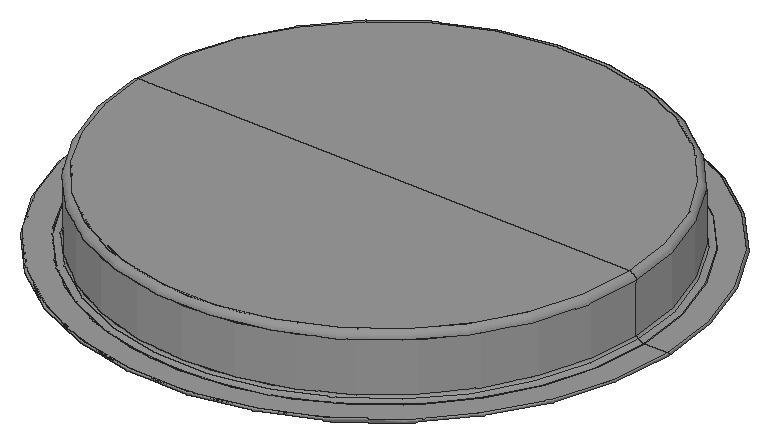
Revit family "MIA12_63_UN_Downlighter_ETK", category Lighting Fixtures, Revit 2017 (continued)
Definition of nested family "MIA.1 - Lightsource"
  Types (8, lengths in mm): name | Wattage | built-in parameter 1150134 | Photometric Web File | built-in parameter 1150142 | built-in parameter 1150105 | Lumens | built-in parameter 1150107 | built-in parameter 1150106
       317.2972 314.8072 312.5106 \r\n309.5975 306.3218 303.0219 299.8549 296.9781 293.2914 \r\n289.9674 286.5103 282.8599 279.1249 275.559 271.2559 \r\n267.7868 263.5441 259.2893 255.2278 250.9005 246.7908 \r\n242.0887 237.1208 232.6846 227.8375 223.7157 218.2763 \r\n212.8369 207.3976 202.3812 197.2924 192.2277 186.9334 \r\n181.7237 176.7194 171.4856 166.2758 160.6672 155.2158 \r\n149.8731 144.4216 138.9581 133.6275 128.4298 122.8938 \r\n117.2851 111.8095 106.4306 100.8582 95.3584 89.9432 84.4192 \r\n79.0886 73.758 68.234 62.9034 57.6454 52.4961 47.2984 \r\n42.1492 37.1449 32.2253 27.2936 22.4586 17.7203 13.0062 \r\n8.4492 4.0735 1.1121 0.0604 0.0604 0.0604 0.0604 0.0725 \r\n0.0725 0.0725 0.0846 0.0846 0.0967 0.1088 0.1209 0.1209 \r\n0.133 0.133 0.1571 0.1571 0.1692 0.1813 0.1813 0.1934 \r\n0.2055 0.2055 0.2176 0.2297 0.2297 0.2418 0.2538 0.2538 \r\n0.2659 0.2659 0.278 0.2901 0.2901 0.3022 0.3022 0.3143 \r\n0.3264 0.3264 0.3385 0.3385 0.3505 0.3505 0.3626 0.3626 \r\n0.3747 0.3868 0.3868 0.3868 0.411 0.411 0.4231 0.4231 \r\n0.4352 0.4352 0.4472 0.4472 0.4593 0.4593 0.4593 0.4714 \r\n0.4714 0.4714 0.4835 0.4835 0.4835 0.4956 0.4956 0.5198 \r\n0.5198 0.5319 0.5439 0.5439 0.556 0.5681 0.5802 0.5923 \r\n0.5923 0.6044 0.6044 0.6165 0.6165 0.6165 0.6165 0.6286 \r\n0.6286 0.6286 0.6286 0.6286 0.6286 0.6406 \r\n347.3105 347.2259 347.5644 346.8875 346.0776 344.0106 \r\n343.9018 343.2612 342.1612 340.5657 339.6833 338.0152 \r\n335.8637 334.2923 332.4066 330.5572 328.9254 326.3508 \r\n324.0904 321.5762 319.3521 316.4269 313.5501 311.0117 \r\n308.014 304.968 301.8373 297.9935 295.3947 291.9255 \r\n288.2872 284.9873 281.2764 277.2392 273.4437 269.5032 \r\n265.0671 261.2233 256.8113 253.3664 248.6402 244.1919 \r\n239.5503 235.223 230.5572 225.9398 221.0444 216.2456 \r\n211.2656 206.2734 201.4989 196.5188 191.1761 186.0389 \r\n180.8776 175.4382 170.1438 164.7286 159.2409 154.14 \r\n148.7489 143.2612 137.7372 132.189 126.9431 121.129 \r\n115.9072 110.4194 104.9317 99.4319 93.9925 88.4202 83.1621 \r\n77.6623 72.235 67.0615 61.6826 56.4366 51.1664 46.0534 \r\n40.9525 35.9483 30.9924 26.0486 21.274 16.4511 11.7732 \r\n7.2283 3.0219 0.689 0.0846 0.0846 0.0725 0.0725 0.0725 \r\n0.0725 0.0725 0.0725 0.0725 0.0846 0.0846 0.0967 0.0967 \r\n0.1088 0.1088 0.1209 0.133 0.1451 0.1571 0.1571 0.1692 \r\n0.1813 0.1813 0.1934 0.2055 0.2176 0.2176 0.2297 0.2297 \r\n0.2418 0.2538 0.2659 0.2659 0.278 0.278 0.278 0.2901 0.2901 \r\n0.3022 0.3143 0.3264 0.3264 0.3264 0.3385 0.3385 0.3505 \r\n0.3626 0.3626 0.3868 0.3868 0.3868 0.3989 0.3989 0.411 \r\n0.411 0.4231 0.4352 0.4352 0.4352 0.4352 0.4472 0.4472 \r\n0.4472 0.4593 0.4593 0.4593 0.4714 0.4714 0.4956 0.4956 \r\n0.5077 0.5077 0.5198 0.5439 0.556 0.556 0.556 0.5681 0.5802 \r\n0.5923 0.6165 0.6286 0.6286 0.6286 0.6406 0.6406 0.6406 \r\n0.6406 0.6406 0.6406 0.6406 \r\n346.7666 346.4402 345.9567 345.9446 345.3282 344.204 \r\n343.8293 342.4634 341.1822 340.2998 338.5833 337.3625 \r\n335.9362 333.8813 331.8143 330.2671 327.9463 326.0123 \r\n323.1234 320.851 318.8444 316.161 313.3084 309.9601 307.047 \r\n304.4119 301.0274 298.2352 294.5002 291.164 287.5257 284.25 \r\n280.6479 276.792 273.202 268.9955 264.7286 260.4497 \r\n256.6421 252.0972 247.9874 243.7689 239.3207 234.3406 \r\n229.9045 225.2992 220.0169 214.7347 209.4524 204.3515 \r\n199.033 194.0409 188.9399 184.0687 178.9073 173.8547 \r\n168.5241 163.121 157.8025 152.2422 146.8875 141.4481 \r\n136.0812 130.7869 125.1058 119.7026 114.3721 108.7997 \r\n103.3724 97.8605 92.4816 87.0543 81.6632 76.1876 70.7845 \r\n65.4901 60.1837 54.974 49.8006 44.5062 39.4778 34.4615 \r\n29.5298 24.719 19.896 15.1094 10.4557 5.9591 2.0911 0.2538 \r\n0.0725 0.0725 0.0725 0.0725 0.0725 0.0846 0.0846 0.0967 \r\n0.0967 0.1088 0.1209 0.1209 0.133 0.1451 0.1451 0.1571 \r\n0.1692 0.1692 0.1813 0.1934 0.1934 0.2176 0.2176 0.2297 \r\n0.2297 0.2418 0.2538 0.2538 0.2659 0.278 0.278 0.2901 \r\n0.2901 0.3022 0.3022 0.3143 0.3264 0.3264 0.3385 0.3385 \r\n0.3505 0.3505 0.3626 0.3626 0.3747 0.3747 0.3868 0.3868 \r\n0.3989 0.411 0.4231 0.4231 0.4352 0.4352 0.4472 0.4593 \r\n0.4593 0.4593 0.4714 0.4714 0.4714 0.4835 0.4835 0.4835 \r\n0.4835 0.4956 0.4956 0.5198 0.5198 0.5319 0.5439 0.556 \r\n0.556 0.5681 0.5802 0.5923 0.5923 0.6044 0.6044 0.6165 \r\n0.6165 0.6165 0.6165 0.6286 0.6286 0.6286 0.6286 0.6286 \r\n0.6286 0.6286 0.6406 \r\n348.3742 347.5281 347.0446 347.1171 345.6545 344.7842 \r\n343.8777 343.237 342.1008 340.3965 338.4987 337.5438 \r\n335.912 334.1956 332.2737 329.9529 327.7408 325.8915 \r\n323.3652 320.5488 318.3126 315.8226 312.6315 309.8392 \r\n307.0591 303.2636 300.5198 297.5341 294.0892 290.463 \r\n286.8609 282.6061 279.0161 275.5953 271.2438 267.8956 \r\n263.6287 259.6156 255.0465 251.1302 247.0688 241.9437 \r\n237.6163 232.9385 228.3694 223.6674 218.7598 213.8281 \r\n208.6547 204.0251 198.9605 194.1738 189.0729 183.6335 \r\n178.7381 173.4196 167.9197 162.7342 157.2465 151.8433 \r\n146.2106 140.8316 135.1988 129.832 124.308 118.7477 \r\n113.2117 107.7602 102.3208 97.099 91.5146 86.0389 80.5633 \r\n75.2206 69.7329 64.5111 59.2288 53.9707 48.7731 43.6359 \r\n38.6196 33.6637 28.732 23.7036 18.9653 14.2391 9.537 5.0888 \r\n1.5835 0.1451 0.0846 0.0846 0.0846 0.0846 0.0846 0.0846 \r\n0.0846 0.0846 0.0846 0.0846 0.0846 0.0967 0.0967 0.1209 \r\n0.1209 0.133 0.1451 0.1571 0.1571 0.1571 0.1692 0.1813 \r\n0.1934 0.2055 0.2055 0.2176 0.2297 0.2297 0.2418 0.2418 \r\n0.2538 0.2659 0.2659 0.278 0.278 0.2901 0.2901 0.3022 \r\n0.3022 0.3264 0.3264 0.3264 0.3264 0.3385 0.3385 0.3505 \r\n0.3626 0.3626 0.3747 0.3868 0.3868 0.3989 0.411 0.411 \r\n0.4231 0.4352 0.4352 0.4472 0.4472 0.4472 0.4472 0.4472 \r\n0.4472 0.4593 0.4593 0.4593 0.4714 0.4835 0.4956 0.4956 \r\n0.5077 0.5198 0.5319 0.5439 0.556 0.556 0.5681 0.5681 \r\n0.5802 0.5923 0.6165 0.6286 0.6406 0.6406 0.6406 0.6527 \r\n0.6527 0.6527 0.6648 0.6406 0.6406 \r\n347.794 347.371 346.549 345.9688 345.4491 344.1557 343.1403 \r\n342.959 341.8953 340.8316 339.2965 338.0152 336.5526 \r\n334.2439 332.5758 330.7385 328.2364 325.9277 323.6069 \r\n321.1531 318.0829 315.8951 312.9941 310.1777 306.8174 \r\n304.1702 301.0758 297.6429 294.3914 290.8014 287.2477 \r\n283.7906 280.1644 276.5623 272.1262 268.1736 264.1605 \r\n259.8936 255.7597 251.5774 246.4886 242.3305 237.8581 \r\n233.2165 228.6595 224.2596 218.8323 213.4051 207.9898 \r\n202.9373 197.8847 193.0134 188.0938 182.6544 177.2996 \r\n172.0778 166.6143 161.1386 155.9289 150.6588 145.3161 \r\n139.8042 134.3165 128.7199 123.3893 117.8049 112.4501 \r\n106.902 101.4384 95.9265 90.5597 84.9752 79.4875 74.1569 \r\n68.8867 63.5803 58.153 53.0037 47.8545 42.7052 37.6526 \r\n32.6725 27.7529 22.8938 18.0708 13.3688 8.7393 4.3757 \r\n1.2571 0.0725 0.0725 0.0725 0.0725 0.0846 0.0846 0.0967 \r\n0.1088 0.1088 0.1088 0.1209 0.133 0.1451 0.1451 0.1571 \r\n0.1571 0.1692 0.1813 0.1934 0.1934 0.2055 0.2055 0.2176 \r\n0.2297 0.2418 0.2418 0.2538 0.2659 0.2659 0.278 0.2901 \r\n0.3022 0.3022 0.3022 0.3143 0.3143 0.3264 0.3264 0.3385 \r\n0.3385 0.3505 0.3626 0.3626 0.3747 0.3747 0.3868 0.3989 \r\n0.3989 0.3989 0.411 0.4231 0.4352 0.4352 0.4472 0.4472 \r\n0.4593 0.4593 0.4714 0.4714 0.4835 0.4835 0.4835 0.4835 \r\n0.4835 0.4956 0.4956 0.5077 0.5077 0.5198 0.5319 0.5439 \r\n0.5439 0.556 0.556 0.5681 0.5802 0.5923 0.6044 0.6044 \r\n0.6165 0.6165 0.6165 0.6165 0.6286 0.6286 0.6286 0.6406 \r\n0.6406 0.6286 0.6286 0.6286 0.6406 \r\n346.5369 347.3589 346.6941 345.5578 344.8689 344.5546 \r\n343.6843 342.4755 341.2909 340.0701 337.979 336.4439 \r\n334.7033 332.878 330.8957 328.7804 326.242 324.5497 \r\n322.4828 319.6543 317.128 314.1061 311.5073 308.9568 \r\n306.1767 302.4538 299.6857 296.2045 292.9772 289.0729 \r\n285.5796 282.1588 278.4238 274.3503 270.4219 266.6747 \r\n262.3595 258.2618 253.7773 249.5105 245.026 240.8558 \r\n236.0571 231.5242 226.7376 221.9267 217.5269 212.4622 \r\n207.3009 202.3208 197.1232 192.2398 187.2598 182.1226 \r\n176.5623 171.4614 166.1912 160.8969 155.4817 150.1632 \r\n144.748 139.1877 133.6637 128.043 122.5553 117.1038 \r\n111.6403 106.1646 100.7011 95.2133 89.7981 84.5763 78.9073 \r\n73.6371 68.1857 63.0968 57.6816 52.5565 47.371 42.2338 \r\n37.1328 32.2495 27.342 22.4707 17.7324 13.0424 8.425 4.0856 \r\n1.1604 0.1088 0.0846 0.0846 0.0846 0.0846 0.0846 0.0846 \r\n0.0846 0.0846 0.0846 0.0846 0.0967 0.1088 0.1209 0.1209 \r\n0.133 0.1451 0.1451 0.1571 0.1692 0.1813 0.1813 0.2055 \r\n0.2055 0.2176 0.2176 0.2176 0.2297 0.2418 0.2538 0.2659 \r\n0.2659 0.2659 0.278 0.278 0.2901 0.2901 0.3022 0.3143 \r\n0.3264 0.3264 0.3264 0.3264 0.3385 0.3385 0.3505 0.3626 \r\n0.3747 0.3868 0.3868 0.3868 0.3989 0.411 0.411 0.4231 \r\n0.4352 0.4472 0.4352 0.4472 0.4472 0.4472 0.4472 0.4593 \r\n0.4593 0.4593 0.4593 0.4714 0.4714 0.4956 0.4956 0.5077 \r\n0.5077 0.5198 0.5319 0.556 0.556 0.556 0.5681 0.5681 0.5802 \r\n0.6044 0.6286 0.6286 0.6406 0.6406 0.6406 0.6648 0.6648 \r\n0.6648 0.6648 0.6527 0.6406 \r\n347.0688 347.0204 346.4402 345.8238 345.4249 344.7722 \r\n343.9502 343.0315 341.6536 340.2031 338.68 337.1812 \r\n335.2593 333.3011 331.3067 329.4935 327.5474 325.2025 \r\n322.7124 320.0894 317.3818 314.9039 312.3776 309.3678 \r\n306.5393 303.4329 300.133 296.8814 293.6299 290.0157 \r\n286.7158 282.8116 279.2095 275.2689 271.3042 267.0374 \r\n262.8792 258.8662 254.5509 250.3082 245.9567 241.5327 \r\n236.7098 232.2253 227.4024 223.1355 217.5269 211.9304 \r\n207.0833 202.1516 197.4374 192.0343 186.8004 181.9775 \r\n176.5986 171.2196 165.8286 160.5464 155.0949 149.6313 \r\n144.059 138.813 133.5187 127.9342 122.519 116.9709 111.5073 \r\n106.08 100.5681 95.1287 89.7377 84.3467 78.8469 73.3591 \r\n68.0648 62.6858 57.4761 52.2785 47.2138 42.0283 36.8911 \r\n31.9715 27.0277 22.1806 17.5148 12.7886 8.2558 3.9889 \r\n1.0758 0.0725 0.0725 0.0725 0.0846 0.0846 0.0846 0.0967 \r\n0.0967 0.1088 0.1209 0.1209 0.133 0.1451 0.1571 0.1571 \r\n0.1692 0.1813 0.1813 0.1934 0.2055 0.2176 0.2297 0.2297 \r\n0.2418 0.2418 0.2538 0.2659 0.2659 0.278 0.2901 0.2901 \r\n0.3022 0.3022 0.3143 0.3264 0.3264 0.3264 0.3385 0.3505 \r\n0.3505 0.3626 0.3626 0.3626 0.3747 0.3868 0.3868 0.3989 \r\n0.3989 0.411 0.411 0.4231 0.4352 0.4352 0.4472 0.4593 \r\n0.4593 0.4714 0.4714 0.4714 0.4835 0.4835 0.4835 0.4956 \r\n0.4956 0.4956 0.4956 0.5077 0.5077 0.5198 0.5319 0.5439 \r\n0.5439 0.556 0.5681 0.5681 0.5923 0.5923 0.6044 0.6044 \r\n0.6165 0.6286 0.6286 0.6286 0.6286 0.6286 0.6406 0.6406 \r\n0.6406 0.6406 0.6406 0.6406 0.6406 \r\n347.794 347.5885 347.0083 346.0293 345.9084 344.9776 \r\n343.4304 342.1612 341.9437 339.8404 338.813 337.3988 \r\n335.3922 333.5549 331.6088 329.7836 327.8134 325.42 \r\n322.7366 320.1982 317.5752 314.4446 312.148 309.4041 \r\n306.4547 302.8889 300.2176 296.5913 293.2431 289.5806 \r\n285.7851 282.7028 279.004 275.3052 270.8812 267.1945 \r\n262.9759 258.8058 254.3334 250.1632 245.7029 241.436 \r\n236.746 232.2495 227.5595 222.785 217.7324 213.0424 \r\n207.9778 203.1307 197.788 192.6508 187.707 182.8478 \r\n177.5656 172.2954 166.5659 161.3441 155.8564 150.5016 \r\n145.0381 139.7921 134.4252 128.4057 123.0992 117.4665 \r\n111.9666 106.4789 100.9791 95.576 90.0641 84.7576 79.2337 \r\n73.8184 68.4758 63.1452 57.8992 52.7257 47.5885 42.4755 \r\n37.3262 32.4066 27.4266 22.6399 17.8774 13.2117 8.6547 \r\n4.3032 1.2813 0.1088 0.0846 0.0846 0.0846 0.0846 0.0846 \r\n0.0846 0.0846 0.0846 0.0967 0.0967 0.0967 0.1088 0.1088 \r\n0.1209 0.133 0.1571 0.1571 0.1571 0.1692 0.1813 0.1934 \r\n0.2055 0.2176 0.2055 0.2176 0.2297 0.2418 0.2418 0.2538 \r\n0.2659 0.2659 0.278 0.278 0.2901 0.2901 0.3022 0.3264 \r\n0.3264 0.3264 0.3264 0.3264 0.3385 0.3505 0.3505 0.3505 \r\n0.3747 0.3747 0.3868 0.3868 0.3989 0.3989 0.3989 0.4231 \r\n0.4352 0.4352 0.4472 0.4472 0.4472 0.4472 0.4472 0.4593 \r\n0.4593 0.4593 0.4714 0.4714 0.4714 0.4714 0.4956 0.5077 \r\n0.5077 0.5077 0.5319 0.5319 0.556 0.556 0.556 0.5681 0.5802 \r\n0.5802 0.6044 0.6286 0.6406 0.6406 0.6527 0.6648 0.6769 \r\n0.6769 0.6769 0.6769 0.6527 0.6406 \r\n347.4918 347.4556 347.4556 346.5853 345.7633 345.2194 \r\n344.5062 343.2733 341.581 341.2426 340.5899 338.3053 \r\n336.4318 334.5582 333.3495 331.8627 329.8682 327.2211 \r\n325.4805 323.4014 320.7422 318.4093 315.6171 312.7644 \r\n309.3195 306.4668 303.6383 300.0363 296.7243 292.7354 \r\n290.6322 287.6224 283.5489 279.7292 275.5107 271.7152 \r\n266.9527 264.6803 259.1563 254.9015 250.1994 246.0413 \r\n241.3756 237.3262 232.6363 228.0189 222.9542 217.9862 \r\n212.704 207.5184 202.7076 197.5221 192.4816 187.1389 \r\n182.4006 176.5744 171.0141 165.5627 160.4134 154.841 \r\n148.9061 143.4063 137.8944 132.2857 126.5079 121.0081 \r\n115.2665 109.5975 103.9284 98.2594 93.1222 87.0301 81.8687 \r\n76.1272 70.5669 65.0792 59.8453 54.2488 49.039 43.8051 \r\n38.5713 33.5308 28.4661 23.5223 18.6389 13.8523 9.1261 4.69 \r\n1.4868 0.1571 0.133 0.133 0.133 0.133 0.1451 0.1451 0.1451 \r\n0.1451 0.1451 0.1451 0.1451 0.1571 0.1692 0.1813 0.1934 \r\n0.2055 0.2055 0.2176 0.2297 0.2418 0.2538 0.2659 0.2659 \r\n0.278 0.2901 0.3022 0.3143 0.3264 0.3264 0.3385 0.3385 \r\n0.3505 0.3626 0.3626 0.3747 0.3747 0.3868 0.3989 0.3989 \r\n0.411 0.411 0.4352 0.4352 0.4352 0.4472 0.4472 0.4472 \r\n0.4593 0.4714 0.4714 0.4835 0.4835 0.4956 0.4956 0.4956 \r\n0.5077 0.5077 0.5077 0.5198 0.5319 0.5439 0.5439 0.5439 \r\n0.556 0.556 0.556 0.556 0.556 0.556 0.556 0.556 0.556 0.556 \r\n0.556 0.556 0.556 0.556 0.5681 0.5681 0.5802 0.5802 0.6165 \r\n0.6406 0.6648 0.6648 0.6769 0.6769 0.6769 0.6769 0.6769 \r\n0.6406 \r\n348.6764 349.6434 348.4468 348.1446 347.9753 346.8512 \r\n345.9688 344.9535 344.337 342.7535 342.1612 341.3151 \r\n338.7526 337.5076 335.6098 334.1593 331.3187 329.8924 \r\n327.487 326.0002 322.9058 320.3916 317.6115 315.1457 \r\n312.3414 309.4524 306.0558 303.2757 299.9637 296.6759 \r\n292.9772 289.6531 286.1235 282.4973 277.9524 274.169 \r\n270.2889 266.1912 262.1903 257.6212 253.1971 248.8215 \r\n244.3612 239.635 235.078 230.666 225.6739 220.1499 214.6259 \r\n209.114 204.279 198.9846 193.7024 188.4806 183.2346 \r\n177.9886 172.5734 166.989 161.4287 155.9531 150.5137 \r\n144.8809 139.3207 133.5912 128.0068 122.374 116.7412 \r\n111.2897 105.6086 99.6736 93.9079 88.4564 82.9566 77.3963 \r\n71.9811 66.4451 60.9452 55.7355 50.1994 44.9414 39.6229 \r\n34.5703 29.4694 24.4893 19.5455 14.7105 10.0447 5.4998 \r\n1.8252 0.1934 0.1088 0.1088 0.1209 0.1209 0.1209 0.1209 \r\n0.133 0.133 0.1451 0.1571 0.1571 0.1813 0.1934 0.2055 \r\n0.2055 0.2176 0.2297 0.2418 0.2538 0.2538 0.2659 0.278 \r\n0.2901 0.2901 0.3022 0.3143 0.3264 0.3385 0.3385 0.3505 \r\n0.3626 0.3747 0.3747 0.3868 0.3868 0.3868 0.3989 0.411 \r\n0.4231 0.4352 0.4352 0.4472 0.4472 0.4593 0.4593 0.4714 \r\n0.4714 0.4835 0.4956 0.4956 0.4956 0.4956 0.5077 0.5077 \r\n0.5198 0.5198 0.5319 0.5319 0.5319 0.5319 0.5319 0.5319 \r\n0.5439 0.5439 0.5439 0.5439 0.5439 0.5439 0.5439 0.5439 \r\n0.5439 0.5439 0.556 0.556 0.5681 0.5681 0.5681 0.5802 \r\n0.5923 0.5923 0.6044 0.6406 0.6527 0.6527 0.6648 0.6648 \r\n0.6648 0.6769 0.6648 0.6406 0.6406 \r\n347.5281 347.8666 347.5765 347.105 347.7094 346.2952 \r\n345.2677 344.059 343.6238 343.5392 342.2217 340.336 \r\n339.1515 337.4109 335.5494 333.4582 331.2825 329.5177 \r\n327.354 325.3596 323.0751 320.8751 317.7807 314.5171 \r\n312.2326 309.5491 306.1525 302.623 299.5528 296.41 293.6057 \r\n290.197 286.2202 282.3039 278.448 275.1481 270.8933 266.711 \r\n262.0815 258.008 253.4147 248.8336 244.6271 240.1547 \r\n235.5373 230.4364 225.831 221.3345 216.1731 210.8546 \r\n205.6086 200.6527 195.6364 190.2816 185.1082 179.56 174.169 \r\n168.7296 163.2902 158.1289 152.4235 146.6578 141.0371 \r\n135.3197 129.6869 124.0662 118.3609 112.7402 107.1437 \r\n101.5472 95.9023 90.3179 84.6005 78.9556 73.3591 67.823 \r\n62.3837 57.1256 51.6016 46.2952 41.0734 36.0087 30.8715 \r\n25.8068 20.863 16.0039 11.2535 6.6481 2.623 0.5319 0.133 \r\n0.133 0.133 0.133 0.133 0.133 0.133 0.133 0.133 0.133 \r\n0.1451 0.1571 0.1692 0.1692 0.1813 0.1934 0.2055 0.2176 \r\n0.2176 0.2176 0.2418 0.2418 0.2659 0.2659 0.278 0.278 \r\n0.2901 0.3022 0.3264 0.3264 0.3264 0.3385 0.3505 0.3505 \r\n0.3505 0.3626 0.3626 0.3868 0.3868 0.3868 0.3989 0.411 \r\n0.4231 0.4352 0.4352 0.4472 0.4472 0.4472 0.4593 0.4593 \r\n0.4714 0.4835 0.4956 0.4956 0.4956 0.4956 0.4956 0.5077 \r\n0.5077 0.5198 0.5198 0.5439 0.556 0.556 0.556 0.556 0.556 \r\n0.556 0.556 0.556 0.556 0.556 0.556 0.556 0.556 0.556 0.556 \r\n0.556 0.556 0.556 0.5681 0.6165 0.6406 0.6406 0.6648 0.6769 \r\n0.6769 0.6769 0.6769 0.6648 0.6406 \r\n348.1083 347.1534 347.3831 347.4918 347.3347 346.5248 \r\n346.0051 345.2436 343.648 342.7656 341.4843 340.4569 \r\n339.1635 337.5317 336.3472 334.3527 332.4791 330.4605 \r\n328.2364 326.0002 323.6
      069 321.0564 318.2159 316.294 \r\n312.4622 310.3227 307.2404 303.6504 301.0879 297.6188 \r\n294.1376 290.463 287.1993 283.5368 279.7534 275.7283 \r\n272.2833 268.0285 263.5441 259.386 255.4212 250.3082 \r\n246.3798 241.8107 237.3746 232.455 227.6562 223.6311 \r\n218.0104 212.3897 206.7811 201.6923 196.4463 191.2003 \r\n185.8576 180.8292 175.281 169.5757 164.2814 158.8904 \r\n153.5598 147.9874 142.5239 136.7944 131.2462 125.5893 \r\n119.8598 113.9732 108.4733 102.7922 97.244 91.6959 86.1114 \r\n80.5028 74.8942 69.3582 63.8704 58.3464 53.0521 47.7336 \r\n42.5239 37.2416 32.177 27.209 22.2289 17.3577 12.571 7.9778 \r\n3.59 0.9791 0.0967 0.1088 0.1088 0.1088 0.1209 0.1209 0.133 \r\n0.133 0.1451 0.1571 0.1571 0.1692 0.1813 0.1813 0.1934 \r\n0.2055 0.2176 0.2297 0.2297 0.2418 0.2538 0.2538 0.2659 \r\n0.278 0.2901 0.3022 0.3143 0.3264 0.3264 0.3385 0.3505 \r\n0.3505 0.3626 0.3747 0.3747 0.3747 0.3868 0.3989 0.3989 \r\n0.411 0.4231 0.4231 0.4352 0.4472 0.4593 0.4593 0.4593 \r\n0.4714 0.4714 0.4835 0.4956 0.4956 0.4956 0.4956 0.5077 \r\n0.5198 0.5198 0.5198 0.5198 0.5198 0.5198 0.5198 0.5198 \r\n0.5319 0.5319 0.5319 0.5319 0.5319 0.5319 0.5319 0.5439 \r\n0.5439 0.5439 0.556 0.556 0.556 0.5681 0.5681 0.5802 0.5923 \r\n0.6044 0.6165 0.6165 0.6286 0.6406 0.6406 0.6527 0.6406 \r\n0.6406 0.6406 0.6406 \r\n347.5765 347.5039 347.6852 347.6611 346.96 345.9446 \r\n345.3403 344.8809 343.7931 343.1887 341.9195 340.3239 \r\n338.9581 337.435 335.767 334.0505 332.2253 330.0979 \r\n328.4177 326.0002 323.7278 321.2982 318.6631 316.1247 \r\n313.2842 310.0085 307.3009 304.2065 300.9428 297.3891 \r\n294.0529 290.6805 287.5982 283.8994 280.0677 276.526 \r\n272.4163 268.2945 264.1243 260.1837 255.8806 251.5412 \r\n246.8633 242.3063 238.0998 232.9868 228.2727 223.5586 \r\n218.4939 213.2842 208.3646 203.5054 198.5011 193.2793 \r\n188.3839 182.872 176.9975 171.6548 166.3121 161.1266 \r\n155.6872 149.9214 144.2766 138.5713 133.0231 127.2332 \r\n121.7938 115.9797 110.3832 104.7867 99.178 93.4969 87.985 \r\n82.2434 76.7799 71.0988 65.6956 60.3409 54.9377 49.6313 \r\n44.2403 39.0668 33.8934 28.8166 23.8487 18.9653 14.1787 \r\n9.4524 4.9438 1.5472 0.1692 0.1209 0.133 0.133 0.133 0.133 \r\n0.133 0.133 0.133 0.133 0.133 0.1451 0.1451 0.1571 0.1692 \r\n0.1692 0.1813 0.1934 0.2055 0.2176 0.2176 0.2297 0.2418 \r\n0.2659 0.2659 0.2659 0.278 0.2901 0.2901 0.3143 0.3143 \r\n0.3264 0.3385 0.3385 0.3385 0.3505 0.3505 0.3747 0.3868 \r\n0.3868 0.3868 0.3989 0.411 0.4231 0.4231 0.4352 0.4472 \r\n0.4472 0.4472 0.4593 0.4593 0.4714 0.4835 0.4835 0.4835 \r\n0.4956 0.4956 0.4956 0.5077 0.5077 0.5198 0.5198 0.5319 \r\n0.5319 0.5319 0.5319 0.5319 0.5319 0.5319 0.5319 0.5439 \r\n0.5439 0.5439 0.5439 0.5439 0.5439 0.5439 0.556 0.556 0.556 \r\n0.5802 0.6165 0.6286 0.6406 0.6527 0.6769 0.6769 0.6769 \r\n0.6769 0.6648 0.6406 \r\n347.3105 347.3226 348.0358 346.96 347.0446 346.1018 \r\n345.4853 345.3282 344.4337 344.1436 342.2096 341.5569 \r\n340.1426 338.7405 336.8669 335.1021 333.1198 331.1495 \r\n329.4331 326.9914 325.6134 322.3982 320.6213 318.2521 \r\n314.9281 311.7732 309.2228 306.5152 302.7439 299.867 \r\n296.3254 293.1222 289.2784 286.4015 282.1347 278.1941 \r\n274.5195 270.857 266.2517 262.154 258.2497 253.5477 \r\n249.3171 245.0864 240.6382 235.8153 231.4517 226.6771 \r\n221.0927 215.5083 209.9238 204.5449 199.2143 193.9562 \r\n189.2663 183.706 178.5084 173.4075 168.5604 162.9397 \r\n157.186 151.5895 146.1743 140.3965 134.7879 128.9254 \r\n123.2806 117.817 112.2688 106.4064 100.9428 95.1529 89.4718 \r\n84.0566 78.4117 72.8514 67.3033 61.9122 56.5454 51.106 \r\n45.86 40.602 35.4043 30.3276 25.3113 20.3916 15.4599 \r\n10.8062 6.1767 2.212 0.3505 0.0967 0.1088 0.1088 0.1088 \r\n0.1209 0.1209 0.133 0.133 0.1451 0.1451 0.1571 0.1692 \r\n0.1813 0.1934 0.1934 0.2055 0.2176 0.2176 0.2418 0.2418 \r\n0.2538 0.2538 0.2659 0.278 0.2901 0.3022 0.3143 0.3264 \r\n0.3264 0.3385 0.3505 0.3626 0.3626 0.3626 0.3747 0.3747 \r\n0.3868 0.3989 0.411 0.4231 0.4231 0.4231 0.4352 0.4472 \r\n0.4593 0.4593 0.4714 0.4714 0.4835 0.4956 0.4956 0.5077 \r\n0.5077 0.5077 0.5198 0.5198 0.5198 0.5319 0.5319 0.5319 \r\n0.5319 0.5319 0.5319 0.5319 0.5319 0.5319 0.5319 0.5319 \r\n0.5439 0.5439 0.5439 0.5439 0.556 0.556 0.556 0.5681 0.5681 \r\n0.5802 0.5923 0.5923 0.6044 0.6044 0.6165 0.6165 0.6286 \r\n0.6286 0.6286 0.6286 0.6286 0.6406 \r\n" | 87.535 (stored number, unit not read) | 1100 lm | 4000 (stored number, unit not read) | 0.87535 (stored number, unit not read)
